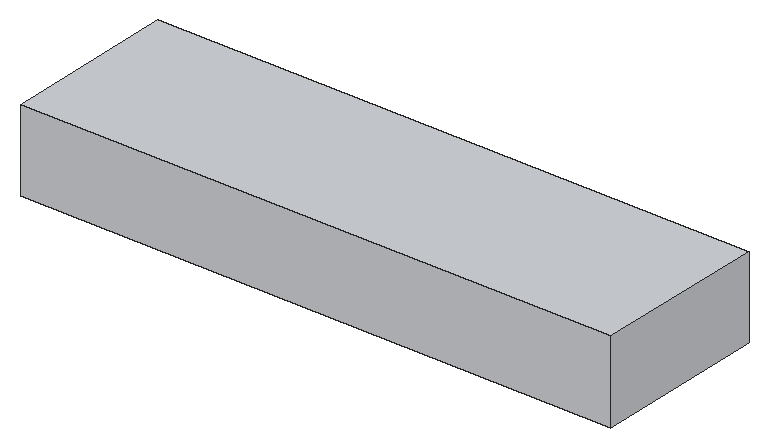
Revit family "1926_ TUPEX ELECTRIC_MEGAL", category Lighting Fixtures, host Face, Revit 2016
Family settings
  Host = Face
  Part Type = Normal
  Round Connector Dimension = Use Diameter
  Cut with Voids When Loaded = No
  Light Source = Yes
  Shared = No
  Room Calculation Point = Yes
Parameters
  Wattage = 56 W
  built-in parameter 1150110 = 1 (stored number, unit not read)
  built-in parameter 1114217 = 1 (stored number, unit not read)
  Tilt Angle = 90.00°
  built-in parameter 1150109 = 1 (stored number, unit not read)
  built-in parameter 1150134 = 3
  built-in parameter 1150113 = 1 (stored number, unit not read)
  Photometric Web File = "1926.IES"
  built-in parameter 1150105 = -22757070 (stored number, unit not read)
  Lumens = 7000 lm
  built-in parameter 1150115 = 1 (stored number, unit not read)
  built-in parameter 1150137 = (empty or 0)
  built-in parameter 1150139 = (empty or 0)
  built-in parameter 1150112 = 1 (stored number, unit not read)
  built-in parameter 1150114 = 1 (stored number, unit not read)
  built-in parameter 1150132 = (empty or 0)
  built-in parameter 1150102 = (empty or 0)
  built-in parameter 1150107 = 3200 (stored number, unit not read)
  built-in parameter 1150138 = (empty or 0)
  built-in parameter 1150106 = -227570.7 (stored number, unit not read)
  built-in parameter 1150104 = 11.613 (stored number, unit not read)
  Dimming Lamp Color Temperature Shift = (empty or 0)
  Default Elevation = 1219.2 mm
  Color Filter = 16777215
  built-in parameter 1114218 = 1 (stored number, unit not read)
  built-in parameter 1150133 = 10 (stored number, unit not read)
Reference planes
  plane 1 "Center (Front/Back)": y = 0
  plane 2: z = 0
  plane 3 "Center (Left/Right)": x = 0
Forms (mm)
  Extrusion 1, solid
    sketch origin (0, 0, 0) x (1, 0, 0) y (0, 1, 0)
      loop
        line (650, 0) -> (0, 0) -> (0, -190) -> (650, -190) -> (650, 0)
    from -90 to 0
Lines and regions (mm)
  reference lines
    curve 1: line (650, 1524, 0) -> (650, -1524, 0)
    curve 2: line (1524, -190, 0) -> (-1524, -190, 0)
    curve 3: line (1524, 0, -90) -> (-1524, 0, -90)
Dimensions and locks
  aligned and locked: plane 2 to host face
  aligned and locked: level to host face
Connectors
  electrical at (325, -95, 0)
    settings: on Extrusion 1, index 1, voltage 220 V, apparent load 0 VA, apparent load phase1 56 VA, apparent load phase2 0 VA, apparent load phase3 0 VA, power factor 1, load classification "Other", number of poles 1, system type 31, power factor state 1, is connector primary yes, connector utility no, sub classification motor no, connector description ""
